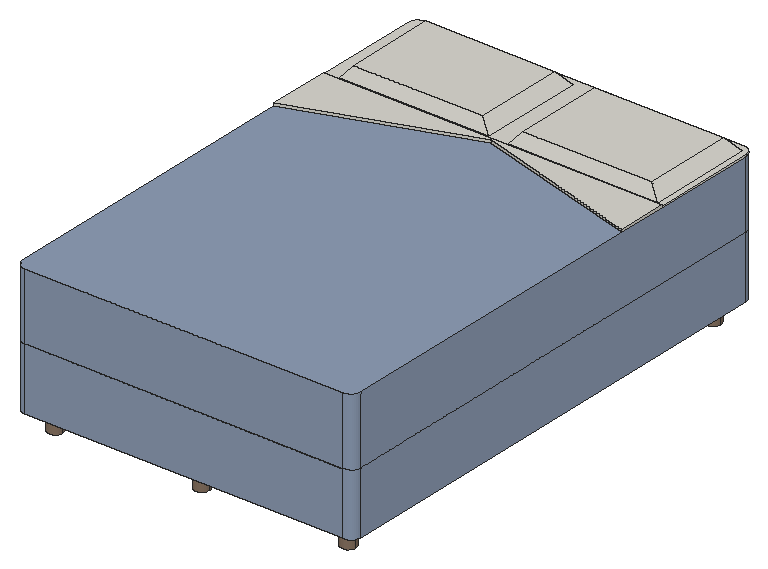
Revit family
Parameters (values of type "Double")
  Width = 1350 mm
  Length = 2000 mm
  Height = 600 mm
  Feet = 80 mm
  Base = 250 mm
Types (6, lengths in mm): name | Width
  (no name) | 1350
  Double | 1350
  King | 1650
  Queen | 1500
  Super King | 1800
  Californian King | 2000
Reference planes
  plane 1 "Center (Front/Back)": y = 0
  plane 2: z = 0
  plane 3 "Center (Left/Right)": x = -22.674
  plane 4: y = -2000
  plane 5: x = -697.674
  plane 6: x = 652.326
  plane 7 "Base": z = 80
  plane 8 "Mattress": z = 330
  plane 9 "Top": z = 600
  plane 10: y = -1910
  plane 11: y = -90
  plane 12: x = -607.674
  plane 13: x = 562.326
  plane 14: y = -469.734
Forms (mm)
  Extrusion 1, solid, material "Fabric - Bed Cover"
    sketch origin (0, 0, 80) x (0, -1, 0) y (1, 0, 0)
      loop
        line (2000, -657.674) -> (2000, 612.326)
        arc (2000, 612.326) -> (1988.284, 640.61) -> (1960, 652.326) r 40
        line (1960, 652.326) -> (40, 652.326)
        arc (40, 652.326) -> (11.716, 640.61) -> (0, 612.326) r 40
        line (0, 612.326) -> (0, -657.674)
        arc (0, -657.674) -> (11.716, -685.958) -> (40, -697.674) r 40
        line (40, -697.674) -> (1960, -697.674)
        arc (1960, -697.674) -> (1988.284, -685.958) -> (2000, -657.674) r 40
    from 0 to 250
  Extrusion 2, solid, material "Fabric - Bed Cover"
    sketch origin (0, 0, 330) x (0, -1, 0) y (1, 0, 0)
      loop
        arc (0, -657.674) -> (11.716, -685.958) -> (40, -697.674) r 40
        line (40, -697.674) -> (1960, -697.674)
        arc (1960, -697.674) -> (1988.284, -685.958) -> (2000, -657.674) r 40
        line (2000, -657.674) -> (2000, 612.326)
        arc (2000, 612.326) -> (1988.284, 640.61) -> (1960, 652.326) r 40
        line (1960, 652.326) -> (40, 652.326)
        arc (40, 652.326) -> (11.716, 640.61) -> (0, 612.326) r 40
        line (0, 612.326) -> (0, -657.674)
    from 0 to 270
  Extrusion 3, solid, material "Wood - Teak"
    sketch origin (0, 0, 0) x (1, 0, 0) y (0, 1, 0)
      loop
        circle (-607.674, -90) r 30
      loop
        circle (562.326, -90) r 30
      loop
        circle (-607.674, -1910) r 30
      loop
        circle (562.326, -1910) r 30
    from 0 to 80
  Extrusion 4, solid, material "Fabric - Bed Linen"
    sketch origin (0, 0, 600) x (0, -1, 0) y (1, 0, 0)
      loop
        line (460, -697.674) -> (709.328, -697.674) -> (469.734, -22.674) -> (657.678, 652.326) -> (460, 652.326) -> (460, -697.674)
    from 0 to 10
  Extrusion 5, solid, material "Fabric - Bed Linen"
    sketch origin (0, 0, 600) x (0, -1, 0) y (1, 0, 0)
      loop
        line (460, -697.674) -> (460, 652.326) -> (40, 652.326)
        arc (40, 652.326) -> (11.716, 640.61) -> (0, 612.326) r 40
        line (0, 612.326) -> (0, -657.674)
        arc (0, -657.674) -> (11.716, -685.958) -> (40, -697.674) r 40
        line (40, -697.674) -> (460, -697.674)
    from 0 to 5
  Blend 6, solid, material "Fabric - Bed Linen"
    base sketch origin (0, 0, 600) x (0, -1, 0) y (1, 0, 0)
      loop
        line (446.212, -642.542) -> (446.212, -47.542) -> (26.212, -47.542) -> (26.212, -642.542) -> (446.212, -642.542)
    top sketch origin (0, 0, 600) x (0, -1, 0) y (1, 0, 0)
      loop
        line (60, -607.674) -> (420, -607.674) -> (420, -92.674) -> (60, -92.674) -> (60, -607.674)
    from 5 to 50
  Extrusion 7, solid, material "Wood - Teak"
    sketch origin (0, 0, 0) x (1, 0, 0) y (0, 1, 0)
      loop
        circle (-22.674, -1910) r 30
      loop
        circle (-22.674, -90) r 30
    from 0 to 80
  Blend 8, solid, material "Fabric - Bed Linen"
    base sketch origin (1000, 0, 600) x (0, -1, 0) y (1, 0, 0)
      loop
        line (446.212, -967.542) -> (446.212, -372.542) -> (26.212, -372.542) -> (26.212, -967.542) -> (446.212, -967.542)
    top sketch origin (1000, 0, 600) x (0, -1, 0) y (1, 0, 0)
      loop
        line (60, -932.674) -> (420, -932.674) -> (420, -417.674) -> (60, -417.674) -> (60, -932.674)
    from 5 to 50
Lines and regions (mm)
  model lines
    curve 1: line (-642.542, -446.212, 600) -> (597.458, -446.212, 600)
    curve 2: line (-642.542, -26.212, 600) -> (-642.542, -446.212, 600)
    curve 3: line (597.458, -26.212, 600) -> (-642.542, -26.212, 600)
  symbolic lines
    curve 4: line (-642.542, -446.212, 0) -> (-47.542, -446.212, 0)
    curve 5: line (-642.542, -26.212, 0) -> (-642.542, -446.212, 0)
    curve 6: line (-47.542, -26.212, 0) -> (-642.542, -26.212, 0)
    curve 7: line (-47.542, -446.212, 0) -> (-47.542, -26.212, 0)
    curve 8: line (32.458, -26.212, 0) -> (627.458, -26.212, 0)
    curve 9: line (32.458, -446.212, 0) -> (32.458, -26.212, 0)
    curve 10: line (627.458, -446.212, 0) -> (32.458, -446.212, 0)
    curve 11: line (627.458, -26.212, 0) -> (627.458, -446.212, 0)
    curve 12: line (-642.542, -26.212, 0) -> (-607.674, -60, 0)
    curve 13: line (-642.542, -446.212, 0) -> (-607.674, -420, 0)
    curve 14: line (-47.542, -446.212, 0) -> (-92.674, -420, 0)
    curve 15: line (-47.542, -26.212, 0) -> (-92.488, -60, 0)
    curve 16: line (627.458, -26.212, 0) -> (582.326, -60, 0)
    curve 17: line (627.458, -446.212, 0) -> (582.326, -420, 0)
    curve 18: line (32.458, -446.212, 0) -> (67.326, -420, 0)
    curve 19: line (32.458, -26.212, 0) -> (67.326, -60, 0)
Dimensions and locks
  equal spacing: plane 5, plane 3 "Center (Left/Right)", plane 6
  "Length": plane 4 to plane 1 "Center (Front/Back)"
  "Width": plane 5 to plane 6
  "Feet": plane 7 "Base" to plane 2
  "Base": plane 8 "Mattress" to plane 7 "Base"
  "Height": plane 9 "Top" to plane 2
  locked: plane 1 "Center (Front/Back)" to plane 11 at 90
  locked: plane 4 to plane 10 at 90
  locked: plane 5 to plane 12 at 90
  locked: plane 13 to plane 6 at 90
  Blend 6 to plane 3 "Center (Left/Right)" to Blend 8 = 24.868 mm locked, 55.132 mm locked
Automatic sketch dimensions
  Extrusion 1 sketch curve to plane 1 "Center (Front/Back)" = 0 mm
  Extrusion 1 sketch curve to plane 6 = 0 mm
  Extrusion 1 sketch curve to plane 5 = 0 mm
  Extrusion 1 sketch curve to plane 4 = 0 mm
  plane 1 "Center (Front/Back)" to Extrusion 1 sketch curve = 40 mm  (x2)
  Extrusion 1 sketch curve to Extrusion 1 sketch curve = 40 mm
  Extrusion 1 sketch curve to plane 4 = 40 mm
  plane 1 "Center (Front/Back)" to Extrusion 2 sketch curve = 40 mm
  Extrusion 2 sketch curve to plane 1 "Center (Front/Back)" = 0 mm
  plane 6 to Extrusion 2 sketch curve = 40 mm
  Extrusion 2 sketch curve to plane 6 = 0 mm
  Extrusion 2 sketch curve to plane 4 = 40 mm  (x2)
  Extrusion 2 sketch curve to plane 5 = 0 mm
  Extrusion 2 sketch curve to plane 4 = 0 mm
  Extrusion 3 sketch curve to plane 10 = 0 mm  (x2)
  Extrusion 3 sketch curve to plane 12 = 0 mm  (x2)
  Extrusion 3 sketch curve to plane 11 = 0 mm  (x2)
  Extrusion 3 sketch curve to plane 13 = 0 mm  (x2)
  Extrusion 5 sketch curve to plane 1 "Center (Front/Back)" = 0 mm
  Extrusion 5 sketch curve to plane 5 = 0 mm
  Extrusion 5 sketch curve to plane 6 = 0 mm
  plane 1 "Center (Front/Back)" to Extrusion 5 sketch curve = 40 mm  (x2)
  Extrusion 5 sketch curve to plane 11 = 370 mm
  Extrusion 7 sketch curve to plane 3 "Center (Left/Right)" = 0 mm  (x2)
  Extrusion 7 sketch curve to plane 10 = 0 mm
  Extrusion 7 sketch curve to plane 11 = 0 mm
  Extrusion 4 sketch curve to plane 5 = 0 mm
  Extrusion 4 sketch curve to plane 6 = 0 mm
  Extrusion 4 sketch curve to plane 3 "Center (Left/Right)" = 0 mm
  Extrusion 4 sketch curve to plane 14 = 0 mm
  Extrusion 4 sketch curve to plane 14 = 9.734 mm
  plane 14 to Extrusion 4 sketch curve = 187.943 mm
  plane 14 to Extrusion 4 sketch curve = 239.594 mm
  plane 1 "Center (Front/Back)" to Blend 6 sketch curve = 26.212 mm
  Blend 6 sketch curve to plane 3 "Center (Left/Right)" = 24.868 mm
  Blend 6 sketch curve to plane 11 = 356.212 mm
  Blend 6 sketch curve to plane 12 = 34.868 mm
  Blend 6 sketch curve to plane 12 = 0 mm
  plane 11 to Blend 6 sketch curve = 30 mm
  Blend 6 sketch curve to plane 3 "Center (Left/Right)" = 70 mm
  Blend 6 sketch curve to plane 11 = 330 mm
  plane 1 "Center (Front/Back)" to Blend 8 sketch curve = 26.212 mm
  plane 6 to Blend 8 sketch curve = 24.868 mm
  Blend 8 sketch curve to plane 11 = 356.212 mm
  plane 3 "Center (Left/Right)" to Blend 8 sketch curve = 55.132 mm
  plane 11 to Blend 8 sketch curve = 30 mm
  plane 13 to Blend 8 sketch curve = 20 mm
  Blend 8 sketch curve to plane 11 = 330 mm
  plane 3 "Center (Left/Right)" to Blend 8 sketch curve = 90 mm
  curve 12 to plane 12 = 0 mm
  curve 13 to plane 12 = 0 mm
  curve 5 to plane 12 = 34.868 mm
  curve 3 to curve 5 = 0 mm  (x2)
  curve 14 to plane 3 "Center (Left/Right)" = 70 mm
  plane 11 to curve 15 = 30 mm
  curve 15 to plane 3 "Center (Left/Right)" = 69.814 mm
  curve 7 to plane 3 "Center (Left/Right)" = 24.868 mm
  plane 3 "Center (Left/Right)" to curve 10 = 55.132 mm
  plane 11 to curve 19 = 30 mm
  curve 9 to curve 19 = 34.868 mm
  curve 9 to curve 18 = 34.868 mm
  plane 13 to curve 17 = 20 mm
  plane 13 to curve 16 = 20 mm
  plane 6 to curve 16 = 24.868 mm
  curve 18 to plane 11 = 330 mm
  curve 14 to curve 18 = 0 mm
  curve 17 to plane 11 = 330 mm
  curve 13 to plane 11 = 330 mm
  curve 9 to curve 18 = 26.212 mm
  curve 7 to curve 14 = 26.212 mm
  plane 11 to curve 16 = 30 mm
  plane 11 to curve 12 = 30 mm
  plane 1 "Center (Front/Back)" to curve 12 = 26.212 mm
  plane 1 "Center (Front/Back)" to curve 11 = 26.212 mm
  curve 3 to curve 8 = 30 mm
  curve 1 to curve 10 = 30 mm
  curve 1 to curve 10 = 0 mm
  radius of Extrusion 3 sketch curve = 30 mm  (x4)
  radius of Extrusion 7 sketch curve = 30 mm  (x2)
